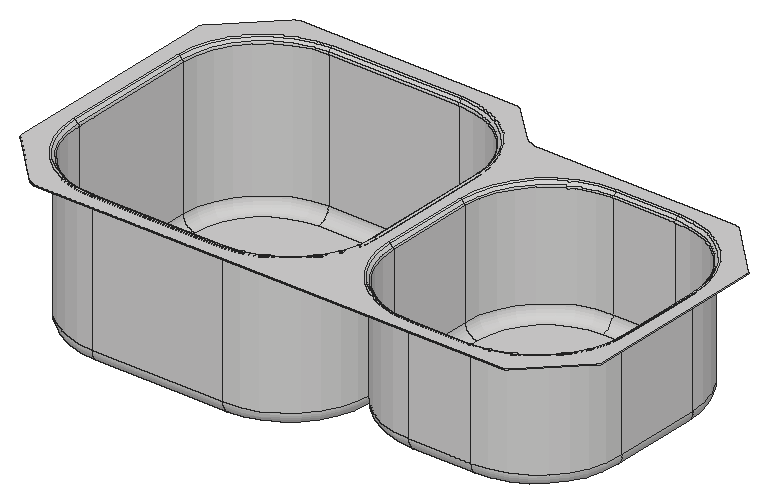
Revit family "Sink-Kitchen-KOHLER-Undertone-K-3356", category Plumbing Fixtures, host Face, Revit 2015 (continued)
Definition of nested family "K-3356"
  Lines and regions (in)
    symbolic lines, visible <- "Rack", detail levels medium+fine
      curve 524: line (-1.875, -7.4375, 0) -> (1.875, -7.4375, 0)
      curve 525: line (-1.87705, -7.25076, 0) -> (1.87705, -7.25076, 0)
      curve 526: arc (-1.87705, -7.25076, 0) -> (-4.65376, -6.30818, 0) -> (-6.28286, -3.87002, 0) r 4.56121
      curve 527: arc (-6.625, -2.6875, 0) -> (-6.61443, -3.00425, 0) -> (-6.58276, -3.31958, 0) r 4.75
      curve 529: arc (1.87705, -7.25076, 0) -> (4.65376, -6.30818, 0) -> (6.28286, -3.87002, 0) r 4.56121
      curve 530: arc (6.625, -2.6875, 0) -> (6.61443, -3.00425, 0) -> (6.58276, -3.31958, 0) r 4.75
      curve 533: line (6.625, 2.6875, 0) -> (6.625, -2.6875, 0)
      curve 534: line (6.43826, 2.68955, 0) -> (6.43826, -2.68955, 0)
      curve 535: line (-6.43826, -2.19274, 0) -> (6.43826, -2.19274, 0)
      curve 536: line (6.43826, -2.0872, 0) -> (0.68325, -2.0872, 0)
      curve 537: line (6.43826, -1.48291, 0) -> (1.61994, -1.48291, 0)
      curve 538: line (-6.43826, -1.37737, 0) -> (-1.71058, -1.37737, 0)
      curve 539: line (-4.44803, -6.45713, 0) -> (4.44803, -6.45713, 0)
      curve 540: line (4.59625, -6.35159, 0) -> (-4.59625, -6.35159, 0)
      curve 541: line (5.25662, -5.75274, 0) -> (-5.25662, -5.75274, 0)
      curve 542: line (-5.34936, -5.6472, 0) -> (5.34936, -5.6472, 0)
      curve 543: line (-5.78437, -5.04274, 0) -> (5.78437, -5.04274, 0)
      curve 544: line (5.84602, -4.9372, 0) -> (-5.84602, -4.9372, 0)
      curve 545: line (6.13199, -4.33274, 0) -> (-6.13199, -4.33274, 0)
      curve 546: line (-6.17126, -4.2272, 0) -> (6.17126, -4.2272, 0)
      curve 547: line (-6.05539, -3.61338, 0) -> (6.05539, -3.61338, 0)
      curve 548: line (6.06844, -3.50707, 0) -> (-6.06844, -3.50707, 0)
      curve 549: line (6.43329, -2.90234, 0) -> (-6.43329, -2.90234, 0)
      curve 550: line (-6.437, -2.7968, 0) -> (6.437, -2.7968, 0)
      curve 551: line (-2.21724, -7.23806, 0) -> (-2.21724, -6.45713, 0)
      curve 552: line (-2.02974, 7.2482, 0) -> (-2.02974, 6.45713, 0)
      curve 553: line (-6.73496, -3.33827, 0) -> (-6.09876, -3.26016, 0)
      curve 554: line (-6.09876, -3.26016, 0) -> (-6.02773, -3.83869, 0)
      curve 555: line (-6.02773, -3.83869, 0) -> (-6.66392, -3.91681, 0)
      curve 556: line (-6.66392, -3.91681, 0) -> (-6.73496, -3.33827, 0)
      curve 557: line (-6.74266, 3.33922, 0) -> (-6.09876, 3.26016, 0)
      curve 558: line (-6.09876, 3.26016, 0) -> (-6.02773, 3.83869, 0)
      curve 559: line (-6.02773, 3.83869, 0) -> (-6.67162, 3.91776, 0)
      curve 560: line (-6.67162, 3.91776, 0) -> (-6.74266, 3.33922, 0)
      curve 561: line (6.74266, 3.33922, 0) -> (6.09876, 3.26016, 0)
      curve 562: line (6.09876, 3.26016, 0) -> (6.02773, 3.83869, 0)
      curve 563: line (6.02773, 3.83869, 0) -> (6.67162, 3.91776, 0)
      curve 564: line (6.67162, 3.91776, 0) -> (6.74266, 3.33922, 0)
      curve 565: line (6.73496, -3.33827, 0) -> (6.09876, -3.26016, 0)
      curve 566: line (6.09876, -3.26016, 0) -> (6.02773, -3.83869, 0)
      curve 567: line (6.02773, -3.83869, 0) -> (6.66392, -3.91681, 0)
      curve 568: line (6.66392, -3.91681, 0) -> (6.73496, -3.33827, 0)
      curve 569: arc (-6.4695, 3.89294, 0) -> (-4.77644, 6.44837, 0) -> (-1.875, 7.4375, 0) r 4.75
      curve 570: arc (-6.39765, 3.29685, 0) -> (-6.4281, 2.99388, 0) -> (-6.43826, 2.68955, 0) r 4.56121
      curve 571: arc (-6.4695, -3.89294, 0) -> (-4.77644, -6.44837, 0) -> (-1.875, -7.4375, 0) r 4.75
      curve 572: arc (-6.39765, -3.29685, 0) -> (-6.4281, -2.99388, 0) -> (-6.43826, -2.68955, 0) r 4.56121
      curve 573: arc (6.39765, -3.29685, 0) -> (6.4281, -2.99388, 0) -> (6.43826, -2.68955, 0) r 4.56121
      curve 574: arc (6.4695, -3.89294, 0) -> (4.77644, -6.44837, 0) -> (1.875, -7.4375, 0) r 4.75
      curve 575: arc (6.39765, 3.29685, 0) -> (6.4281, 2.99388, 0) -> (6.43826, 2.68955, 0) r 4.56121
      curve 576: arc (6.4695, 3.89294, 0) -> (4.77644, 6.44837, 0) -> (1.875, 7.4375, 0) r 4.75
      curve 577: line (-2.21724, 6.45713, 0) -> (-2.21724, 7.23806, 0)
      curve 578: line (-2.02974, 6.35159, 0) -> (-2.02974, 5.75274, 0)
      curve 579: line (-2.02974, 5.6472, 0) -> (-2.02974, 5.04274, 0)
      curve 580: line (-2.21724, 5.75274, 0) -> (-2.21724, 6.35159, 0)
      curve 581: line (-2.21724, 5.04274, 0) -> (-2.21724, 5.6472, 0)
      curve 582: line (-2.02974, 4.9372, 0) -> (-2.02974, 4.33274, 0)
      curve 583: line (-2.21724, 4.33274, 0) -> (-2.21724, 4.9372, 0)
      curve 584: line (-2.02974, 4.2272, 0) -> (-2.02974, 3.61338, 0)
      curve 585: line (-2.21724, 3.61338, 0) -> (-2.21724, 4.2272, 0)
      curve 586: line (-2.02974, 3.50707, 0) -> (-2.02974, 2.90234, 0)
      curve 587: line (-2.21724, 2.90234, 0) -> (-2.21724, 3.50707, 0)
      curve 588: line (-2.02974, 2.7968, 0) -> (-2.02974, 2.19274, 0)
      curve 589: line (-2.21724, 2.19274, 0) -> (-2.21724, 2.7968, 0)
      curve 590: line (-2.02974, 2.0872, 0) -> (-2.02974, 1.48291, 0)
      curve 591: line (-2.21724, 1.48291, 0) -> (-2.21724, 2.0872, 0)
      curve 592: line (-2.02974, 1.37737, 0) -> (-2.02974, 0.8387, 0)
      curve 593: line (-2.21724, 0.76332, 0) -> (-2.21724, 1.37737, 0)
      curve 594: line (-2.21724, 0.01731, 0) -> (-2.21724, 0.65778, 0)
      curve 595: line (-2.21724, -0.65737, 0) -> (-2.21724, 0.01731, 0)
      curve 596: line (-2.02974, -0.8387, 0) -> (-2.02974, -1.37737, 0)
      curve 597: line (-2.21724, -1.37737, 0) -> (-2.21724, -0.76291, 0)
      curve 598: line (-2.02974, -1.48291, 0) -> (-2.02974, -2.0872, 0)
      curve 599: line (-2.21724, -2.0872, 0) -> (-2.21724, -1.48291, 0)
      curve 600: line (-2.02974, -2.19274, 0) -> (-2.02974, -2.7968, 0)
      curve 601: line (-2.21724, -2.7968, 0) -> (-2.21724, -2.19274, 0)
      curve 602: line (-2.02974, -2.90234, 0) -> (-2.02974, -3.50707, 0)
      curve 603: line (-2.21724, -3.50707, 0) -> (-2.21724, -2.90234, 0)
      curve 604: line (-2.02974, -3.61338, 0) -> (-2.02974, -4.2272, 0)
      curve 605: line (-2.21724, -4.2272, 0) -> (-2.21724, -3.61338, 0)
      curve 606: line (-2.02974, -4.33274, 0) -> (-2.02974, -4.9372, 0)
      curve 607: line (-2.21724, -4.9372, 0) -> (-2.21724, -4.33274, 0)
      curve 608: line (-2.02974, -5.04274, 0) -> (-2.02974, -5.6472, 0)
      curve 609: line (-2.21724, -5.6472, 0) -> (-2.21724, -5.04274, 0)
      curve 610: line (-2.02974, -5.75274, 0) -> (-2.02974, -6.35159, 0)
      curve 611: line (-2.21724, -6.35159, 0) -> (-2.21724, -5.75274, 0)
      curve 612: line (-2.02974, -6.45713, 0) -> (-2.02974, -7.2482, 0)
      curve 613: line (2.21724, -7.23806, 0) -> (2.21724, -6.45713, 0)
      curve 614: line (2.02974, 7.2482, 0) -> (2.02974, 6.45713, 0)
      curve 615: line (2.21724, 6.45713, 0) -> (2.21724, 7.23806, 0)
      curve 616: line (2.02974, 6.35159, 0) -> (2.02974, 5.75274, 0)
      curve 617: line (2.02974, 5.6472, 0) -> (2.02974, 5.04274, 0)
      curve 618: line (2.21724, 5.75274, 0) -> (2.21724, 6.35159, 0)
      curve 619: line (2.21724, 5.04274, 0) -> (2.21724, 5.6472, 0)
      curve 620: line (2.02974, 4.9372, 0) -> (2.02974, 4.33274, 0)
      curve 621: line (2.21724, 4.33274, 0) -> (2.21724, 4.9372, 0)
      curve 622: line (2.02974, 4.2272, 0) -> (2.02974, 3.61338, 0)
      curve 623: line (2.21724, 3.61338, 0) -> (2.21724, 4.2272, 0)
      curve 624: line (2.02974, 3.50707, 0) -> (2.02974, 2.90234, 0)
      curve 625: line (2.21724, 2.90234, 0) -> (2.21724, 3.50707, 0)
      curve 626: line (2.02974, 2.7968, 0) -> (2.02974, 2.19274, 0)
      curve 627: line (2.21724, 2.19274, 0) -> (2.21724, 2.7968, 0)
      curve 628: line (2.02974, 2.0872, 0) -> (2.02974, 1.48291, 0)
      curve 629: line (2.21724, 1.48291, 0) -> (2.21724, 2.0872, 0)
      curve 630: line (2.02974, 1.37737, 0) -> (2.02974, 0.8387, 0)
      curve 631: line (2.21724, 0.76332, 0) -> (2.21724, 1.37737, 0)
      curve 632: line (2.21724, 0.01731, 0) -> (2.21724, 0.65778, 0)
      curve 633: line (2.21724, -0.65737, 0) -> (2.21724, 0.01731, 0)
      curve 634: line (2.02974, -0.8387, 0) -> (2.02974, -1.37737, 0)
      curve 635: line (2.21724, -1.37737, 0) -> (2.21724, -0.76291, 0)
      curve 636: line (2.02974, -1.48291, 0) -> (2.02974, -2.0872, 0)
      curve 637: line (2.21724, -2.0872, 0) -> (2.21724, -1.48291, 0)
      curve 638: line (2.02974, -2.19274, 0) -> (2.02974, -2.7968, 0)
      curve 639: line (2.21724, -2.7968, 0) -> (2.21724, -2.19274, 0)
      curve 640: line (2.02974, -2.90234, 0) -> (2.02974, -3.50707, 0)
      curve 641: line (2.21724, -3.50707, 0) -> (2.21724, -2.90234, 0)
      curve 642: line (2.02974, -3.61338, 0) -> (2.02974, -4.2272, 0)
      curve 643: line (2.21724, -4.2272, 0) -> (2.21724, -3.61338, 0)
      curve 644: line (2.02974, -4.33274, 0) -> (2.02974, -4.9372, 0)
      curve 645: line (2.21724, -4.9372, 0) -> (2.21724, -4.33274, 0)
      curve 646: line (2.02974, -5.04274, 0) -> (2.02974, -5.6472, 0)
      curve 647: line (2.21724, -5.6472, 0) -> (2.21724, -5.04274, 0)
      curve 648: line (2.02974, -5.75274, 0) -> (2.02974, -6.35159, 0)
      curve 649: line (2.21724, -6.35159, 0) -> (2.21724, -5.75274, 0)
      curve 650: line (2.02974, -6.45713, 0) -> (2.02974, -7.2482, 0)
      curve 651: line (-0.68325, 2.0872, 0) -> (-6.43826, 2.0872, 0)
      curve 652: line (-1.61994, 1.48291, 0) -> (-6.43826, 1.48291, 0)
      curve 653: line (1.71058, 1.37737, 0) -> (6.43826, 1.37737, 0)
      curve 654: line (2.05927, 0.76332, 0) -> (6.43826, 0.76332, 0)
      curve 655: line (-2.09537, 0.65778, 0) -> (-6.43826, 0.65778, 0)
      curve 656: line (-2.19556, 0.05277, 0) -> (-6.43826, 0.05277, 0)
      curve 657: line (2.19556, -0.05277, 0) -> (6.43826, -0.05277, 0)
      curve 658: line (2.0955, -0.65737, 0) -> (6.43826, -0.65737, 0)
      curve 659: line (-2.05942, -0.76291, 0) -> (-6.43826, -0.76291, 0)
      curve 660: line (1.71058, -1.37737, 0) -> (6.43826, -1.37737, 0)
      curve 661: line (-1.61994, -1.48291, 0) -> (-6.43826, -1.48291, 0)
      curve 662: line (-0.68325, -2.0872, 0) -> (-6.43826, -2.0872, 0)
  Dimensions and locks (in)
    aligned and locked: level to plane 2
Types (2): name | Type | Rack | Product Page URL | Product Documentation Link | Model | Description
  Kitchen Sink With Innovative Preserve, NA-Stainless | 2 | yes | "http://www.us.kohler.com/us/catalog/productDetails.jsp?productNumber=3356-HCF" | "http://www.us.kohler.com/onlinecatalog/pdf/K-3356-HCF_spec.pdf" | "K-3356-HCF-NA" | "Preserve 35-1/8 inch x 20-1/8 inch x 9-3/4 inch under-mount extra large/medium double-bowl kitchen sink"
  Kitchen Sink, NA-Stainless | 1 | no | "http://www.us.kohler.com/us/catalog/productDetails.jsp?productNumber=3356" | "http://www.us.kohler.com/onlinecatalog/pdf/K-3356_spec.pdf" | "K-3356-NA" | "35-1/8 inch x 20-1/8 inch x 9-3/4 inch under-mount extra large/medium double-bowl kitchen sink"
